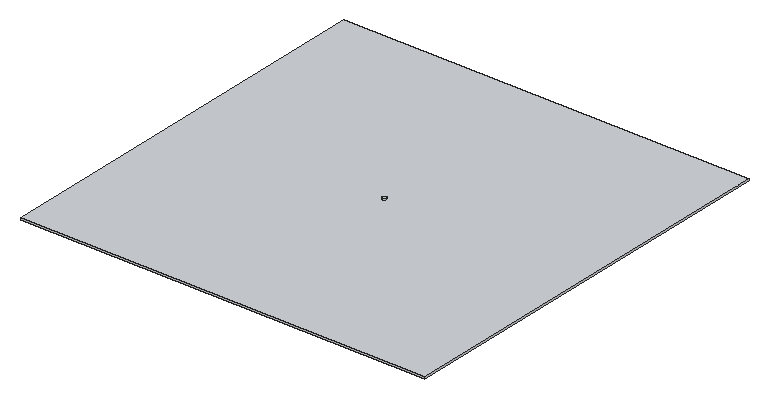
Revit family "GPC-HWFU", category Plumbing Equipment, host Face, Revit 2025
Family settings
  Host = Face
  Round Connector Dimension = Use Radius
  Classification = None
  Part Type = Normal
  OmniClass Number = 23.45.05.21.11.11
  OmniClass Title = Water Operated Water Closets
  Cut with Voids When Loaded = No
  Maintain Annotation Orientation = No
  Shared = No
  Room Calculation Point = No
Parameters (values of type "6 UDG")
  WFU = 3
  HWFU = 0
  Flow Pressure [instance] = 25.00 psi
  Cold Water Diameter [instance] = Cold Water Radius * 2  # 1"
  Cold Water Radius = 1/2"
  Pipe Material = none
  Default Elevation = 1' - 5"
  CWFU = 6
  Assembly Code = ""
Types (12): name | WFU | CWFU
  6 UDG | 3 | 6
  10 UDG | 4 | 10
  3 UDG | 3 | 3
  4.5 UDG | 3 | 4.5
  5 UDG | 3 | 5
  2 UDG | 3 | 2
  1 UDG | 3 | 1
  1.5 UDG | 3 | 1.5
  Public - 1.6 gpf | 4 | 10
  Private - 1.6 gpf | 3 | 6
  Private - Flushing Greater than 1.6 gpf | 4 | 6
  Public - Flushing Greater than 1.6 gpf | 6 | 10
Reference planes (in)
  plane 1 "Center (Front/Back)": y = 0
  plane 2: z = 0
  plane 3 "Center (Left/Right)": x = 0
Forms (in)
  Extrusion 1, solid
    sketch origin (0, 0, 0) x (1, 0, 0) y (0, 1, 0)
      loop
        line (-48, 48) -> (-48, -48) -> (48, -48) -> (48, 48) -> (-48, 48)
    from 0 to -0.39453
  Extrusion 2, solid, material <- "Pipe Material"
    sketch origin (15.94107, -25.42564, 0) x (0, 1, 0) y (-1, 0, 0)
      loop
        circle (25.42564, 15.94107) r 0.5
    from 0.11719 to 0
Lines and regions (in)
  reference lines
    curve 1: line (2.5, -7.75857, 0) -> (-2.5, -7.75857, 0)
    curve 2: line (0, -12.25857, 0) -> (0, 2.24143, 0)
Dimensions and locks (in)
  plane 1 "Center (Front/Back)" to Extrusion 2 = 0' - 0"
  "Cold Water Radius": radius of Extrusion 2 sketch curve
  aligned and locked: plane 2 to Extrusion 1
  aligned and locked: level to Extrusion 1
Automatic sketch dimensions
  Extrusion 1 sketch curve to Extrusion 1 sketch curve = 8' - 0"  (x2)
  curve 2 to plane 3 "Center (Left/Right)" = 0' - 0"
  plane 1 "Center (Front/Back)" to curve 2 = 1' - 0.25857"
  curve 1 to plane 3 "Center (Left/Right)" = 0' - 2 1/2"
  curve 2 to curve 1 = 0' - 4 1/2"
  curve 2 to plane 1 "Center (Front/Back)" = 0' - 2.24143"
  plane 3 "Center (Left/Right)" to curve 1 = 0' - 2 1/2"
  plane 1 "Center (Front/Back)" to Extrusion 2 sketch curve = 0' - 0"
  Extrusion 2 sketch curve to plane 3 "Center (Left/Right)" = 0' - 0"
Connectors (in)
  piping at (0, 0, 0), diameter 1, driven by "CWFU", driven by "Cold Water Radius", driven by "Flow Pressure"
    settings: on Extrusion 2, index 1, connector inside diameter 1", connector length 0' - 0", flow factor 0, pipe flow 0 GPM, pressure drop 25.00 psi, fitting loss kfactor 0, connector angle 0.00°, fixture units 6, engagement length 0' - 0", angle of deflection 0.00°, flow configuration 3, flow direction 1, fitting loss method 4, system type 19, joint type 0, gender type 0, connector reference index -1, connector utility 0, adjustable connector no, is connector primary yes, connector description "In"
